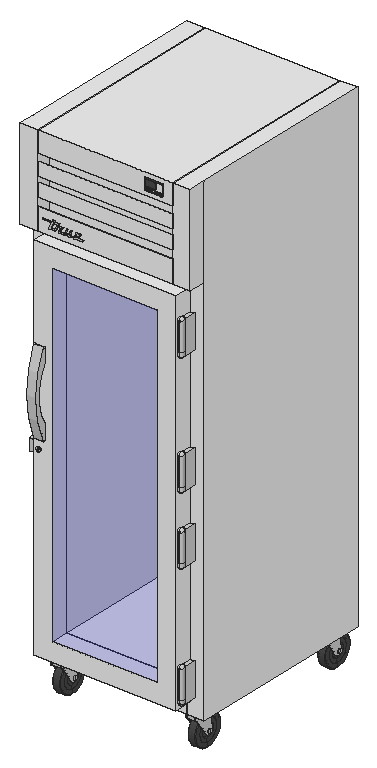
Revit family
Parameters
  Weight in Pounds = 0
  Watts = 1500 W
  Volts = 208 V
  URL Cutsheet = "www.truemfg.com"
  URL = "www.truemfg.com"
  Type Mark [instance] = ""
  Type Comments = ""
  Status [instance] = ""
  Specification by User [instance] = ""
  Specification by Manufacturer = ""
  Show Seismic Flanged [instance] = no
  Show Logo [instance] = yes
  Show Legs [instance] = no
  Show Clearance [instance] = yes
  Serial Number = ""
  Seismic Rating = ""
  Seismic Plate [instance] = and(Show Seismic Flanged, not(Show Casters))  # no
  SMACNA No = ""
  Revision Code [instance] = ""
  Phase = 1
  Omniclass Number and Title = ""
  Number of Poles [instance] = 1
  NAFEM Spec ID Number = ""
  Model = "STA1H-1G"
  Min Ckt Ampacity = 0 A
  Max Overcurrent Protection = 0 A
  Masterspec = ""
  Manufacturer = "TRUE FOOD SERVICE EQUIPMENT, INC."
  Length = 27 1/2"
  Legs [instance] = or(Show Legs, Show Seismic Flanged)  # no
  Item Number [instance] = ""
  Installed By [instance] = ""
  Identify Quantity as Lot [instance] = yes
  Height = 77 3/4"
  HP = ""
  Furnished By [instance] = ""
  Foodservice Equipment Identifier [instance] = yes
  FL Amps = Watts / Volts  # 7.21154 A
  Electrical Remarks [instance] = ""
  Electric Connection Type [instance] = ""
  Elec Conn RI Height [instance] = 0"
  Elec Conn Connection Height [instance] = 0"
  Description = "Reach-in Glass Swing Door Heated Cabinet"
  Depth = 33 3/4"
  Cycle = 60 Hz
  Conn Plug = "6-15P"
  Conn Conduit = yes
  Show Casters [instance] = and(not(if(Show Legs, Show Legs, Show Legs)), not(if(Show Legs, Show Legs, Show Seismic Flanged)))  # yes
  CSI MasterFormat = ""
  CSI Master Format = ""
  Apparent Power = if(Phase = 3, Volts * FL Amps * 1.73, Volts * FL Amps)  # 1500 VA
Reference planes (in)
  plane 1 "BACK": y = 0
  plane 2: z = 0
  plane 3 "LEFT": x = 0
  plane 4 "RIGHT": x = 27.5
  plane 5 "FRONT": y = -33.75
  plane 6 "TOP": z = 84.125
  plane 7: z = 6.125
  plane 8: x = 2.84375
  plane 9: y = -33.7042
  plane 10: x = 0.04687
  plane 11: x = 27.45312
Forms (in)
  Extrusion 1, solid, material "QF_Finishes_Chrome - Satin"
    sketch origin (0.05, 0, 0) x (1, 0, 0) y (0, 1, 0)
      loop
        line (-0.05, 0) -> (-0.05, -31) -> (2.87859, -31) -> (2.87859, 0) -> (-0.05, 0)
    from 6.125 to 84.125
  Extrusion 2, solid, material "QF_Finishes_Chrome - Satin"
    sketch origin (50.15, 0, 0) x (1, 0, 0) y (0, 1, 0)
      loop
        line (-25.44375, 0) -> (-25.44375, -31) -> (-22.65, -31) -> (-22.65, 0) -> (-25.44375, 0)
    from 6.125 to 84.125
  Extrusion 3, solid, material "QF_Finishes_Chrome - Satin"
    sketch origin (0, 0, 0) x (0, 1, 0) y (0, 0, 1)
      loop
        line (-33.7042, 69.5) -> (-31, 69.5) -> (-31, 67) -> (-30, 67) -> (-30, 69.5) -> (-2, 69.5) -> (-2, 8.98627) -> (-31, 8.98627) -> (-31, 6.125) -> (0, 6.125) -> (0, 84.125) -> (-33.7042, 84.125) -> (-33.7042, 80.78078) -> (-31.5, 79.21352) -> (-31.5, 78.09125) -> (-33.7042, 79.65851) -> (-33.7042, 77.5248) -> (-31.5, 75.95754) -> (-31.5, 74.99678) -> (-33.7042, 76.56404) -> (-33.7042, 74.46784) -> (-31.5, 72.90057) -> (-31.5, 71.625) -> (-33.7042, 73.19226) -> (-33.7042, 69.5)
    from 2.92859 to 24.70625
  Extrusion 4, solid, material "QF_Finishes_Chrome - Satin"
    sketch origin (0, 0, 0) x (1, 0, 0) y (0, 1, 0)
      loop
        line (27.45312, -31) -> (24.70625, -31) -> (24.70625, -33.75) -> (27.45312, -33.75) -> (27.45312, -31)
    from 69.5 to 84.125
  Extrusion 5, solid, material "QF_Finishes_Chrome - Satin"
    sketch origin (-50.125, 0, 0.25) x (1, 0, 0) y (0, 1, 0)
      loop
        line (53.05359, -31) -> (50.17187, -31) -> (50.17187, -33.75) -> (53.05359, -33.75) -> (53.05359, -31)
    from 69.25 to 83.875
  Extrusion 6, solid, material "QF_Finishes_Chrome - Satin"
    sketch origin (-24.96875, 0, -0.71875) x (1, 0, 0) y (0, 0, 1)
      loop
        line (27.25, 8.75) -> (50.1875, 8.75) -> (50.1875, 68.6875) -> (27.25, 68.6875) -> (27.25, 8.75)
      loop
        line (30.25, 65.6875) -> (30.25, 11.75) -> (47.1875, 11.75) -> (47.1875, 65.6875) -> (30.25, 65.6875)
    from 31 to 33.75
  Extrusion 7, solid, material "QF_Finishes_Handrails and Railings"
    sketch origin (-8.40259, -0.25, 93.45208) x (0, 1, 0) y (0, 0, 1)
      loop
        line (-33.5, -53.875) -> (-33.5, -51.475)
        arc (-33.5, -51.475) -> (-34.65816, -47.075) -> (-33.5, -42.675) r 8.93715
        line (-33.5, -42.675) -> (-33.5, -40.275) -> (-33.7, -40.275)
        arc (-33.7, -40.275) -> (-35.14405, -47.075) -> (-33.7, -53.875) r 16.7325
        line (-33.7, -53.875) -> (-33.5, -53.875)
    from 10.87731 to 12.37731
  Extrusion 8, solid, material "QF_Finishes_Handrails and Railings"
    sketch origin (-23.375, 0, -2) x (1, 0, 0) y (0, 0, 1)
      loop
        circle (26.4375, 40.0625) r 0.35
      loop
        line (26.47265, 40.33635) -> (26.41715, 40.33635) -> (26.41715, 39.76895) -> (26.47265, 39.76895) -> (26.47265, 40.33635)
    from 33.5 to 33.83066
  Extrusion 9, solid, material "QF_Finishes_Handrails and Railings", visible <- "Show Logo"
    sketch origin (0.33478, 1.08173, -6.73143) x (1, 0, 0) y (0, 0, 1)
      loop
        line (3.46044, 78.46231) -> (3.35478, 78.23573) -> (4.76027, 78.23573)
        arc (4.76027, 78.23573) -> (4.78879, 78.18528) -> (4.76027, 78.13484) r 0.05887
        line (4.76027, 78.13484) -> (4.39369, 77.34872)
        arc (4.39369, 77.34872) -> (4.39051, 77.27591) -> (4.43975, 77.22217) r 0.09523
        line (4.43975, 77.22217) -> (5.33844, 77.22217)
        arc (5.33844, 77.22217) -> (5.45192, 77.25795) -> (5.52436, 77.35235) r 0.19785
        line (5.52436, 77.35235) -> (5.81285, 77.97101) -> (6.0779, 77.97101)
        arc (6.0779, 77.97101) -> (6.14744, 77.94543) -> (6.13737, 77.87203) r 0.05911
        line (6.13737, 77.87203) -> (5.89598, 77.35437)
        arc (5.89598, 77.35437) -> (5.89974, 77.2684) -> (5.97231, 77.22217) r 0.09318
        line (5.97231, 77.22217) -> (6.76198, 77.22217)
        arc (6.76198, 77.22217) -> (6.82249, 77.24419) -> (6.85468, 77.29995) r 0.09412
        arc (6.85468, 77.29995) -> (6.87746, 77.24495) -> (6.93246, 77.22217) r 0.07778
        line (6.93246, 77.22217) -> (7.43246, 77.22217)
        arc (7.43246, 77.22217) -> (7.49022, 77.23765) -> (7.53251, 77.27993) r 0.11552
        arc (7.53251, 77.27993) -> (7.55275, 77.23106) -> (7.60162, 77.21081) r 0.06912
        line (7.60162, 77.21081) -> (8.31225, 77.21081)
        arc (8.31225, 77.21081) -> (8.37034, 77.23488) -> (8.39441, 77.29297) r 0.08216
        arc (8.39441, 77.29297) -> (8.44767, 77.23972) -> (8.52042, 77.22022) r 0.14551
        line (8.52042, 77.22022) -> (9.85158, 77.22022) -> (9.99946, 77.47634) -> (8.65678, 77.47634)
        arc (8.65678, 77.47634) -> (8.61972, 77.50204) -> (8.61834, 77.54711) r 0.05009
        line (8.61834, 77.54711) -> (8.64157, 77.59692)
        arc (8.64157, 77.59692) -> (8.67723, 77.64364) -> (8.73327, 77.66135) r 0.09747
        line (8.73327, 77.66135) -> (9.16485, 77.66135)
        arc (9.16485, 77.66135) -> (9.258, 77.68631) -> (9.32619, 77.7545) r 0.1863
        line (9.32619, 77.7545) -> (9.45119, 77.97101)
        arc (9.45119, 77.97101) -> (9.45119, 78.08657) -> (9.35111, 78.14434) r 0.11556
        line (9.35111, 78.14434) -> (8.89562, 78.14434)
        arc (8.89562, 78.14434) -> (8.7795, 78.12462) -> (8.69849, 78.03912) r 0.18605
        line (8.69849, 78.03912) -> (8.48204, 77.57493)
        arc (8.48204, 77.57493) -> (8.41815, 77.49167) -> (8.31806, 77.46011) r 0.1745
        line (8.31806, 77.46011) -> (7.84559, 77.46011)
        arc (7.84559, 77.46011) -> (7.78903, 77.52184) -> (7.79268, 77.60548) r 0.10939
        line (7.79268, 77.60548) -> (8.04395, 78.14434) -> (7.88403, 78.14434) -> (7.61781, 77.57344)
        arc (7.61781, 77.57344) -> (7.56609, 77.50603) -> (7.48505, 77.48048) r 0.14128
        line (7.48505, 77.48048) -> (7.15925, 77.48048)
        arc (7.15925, 77.48048) -> (7.10419, 77.55223) -> (7.116, 77.64189) r 0.11816
        line (7.116, 77.64189) -> (7.3503, 78.14434) -> (7.18514, 78.14434) -> (6.91546, 77.566)
        arc (6.91546, 77.566) -> (6.85285, 77.50339) -> (6.76733, 77.48048) r 0.17104
        line (6.76733, 77.48048) -> (6.29555, 77.48048)
        arc (6.29555, 77.48048) -> (6.21082, 77.51999) -> (6.20267, 77.61313) r 0.0935
        line (6.20267, 77.61313) -> (6.35774, 77.94569) -> (6.57695, 77.94569)
        arc (6.57695, 77.94569) -> (6.61395, 78.05717) -> (6.69267, 78.14434) r 0.2857
        line (6.69267, 78.14434) -> (5.83605, 78.14434)
        arc (5.83605, 78.14434) -> (5.74086, 78.12324) -> (5.67498, 78.05135) r 0.16212
        line (5.67498, 78.05135) -> (5.44279, 77.55341)
        arc (5.44279, 77.55341) -> (5.3894, 77.50002) -> (5.31647, 77.48048) r 0.14586
        line (5.31647, 77.48048) -> (4.80506, 77.48048)
        arc (4.80506, 77.48048) -> (4.76514, 77.53442) -> (4.77274, 77.60109) r 0.09155
        line (4.77274, 77.60109) -> (5.11018, 78.23573) -> (5.96155, 78.23573) -> (6.06721, 78.46231) -> (5.21584, 78.46231) -> (5.32149, 78.68888) -> (5.01862, 78.68888) -> (4.91297, 78.46231) -> (3.46044, 78.46231)
      loop
        arc (8.83805, 77.93863) -> (8.80119, 77.92875) -> (8.7742, 77.90176) r 0.07373
        line (8.7742, 77.90176) -> (8.75229, 77.83436)
        arc (8.75229, 77.83436) -> (8.76245, 77.80983) -> (8.78699, 77.79966) r 0.0347
        line (8.78699, 77.79966) -> (9.15948, 77.79966)
        arc (9.15948, 77.79966) -> (9.18632, 77.80561) -> (9.20812, 77.82234) r 0.0635
        line (9.20812, 77.82234) -> (9.22624, 77.90622)
        arc (9.22624, 77.90622) -> (9.22091, 77.92868) -> (9.20009, 77.93863) r 0.02676
        line (9.20009, 77.93863) -> (8.83805, 77.93863)
    from 34.76797 to 34.83173
  Extrusion 10, solid, material "QF_Finishes_White"
    sketch origin (-23.16691, 1.06376, 1.58022) x (1, 0, 0) y (0, 0, 1)
      loop
        line (43.31732, 81.73227) -> (43.31732, 79.98496) -> (46.22357, 79.98496) -> (46.22357, 81.73227) -> (43.31732, 81.73227)
    from 34.75 to 34.76797
  Extrusion 11, solid, material "QF_Finishes_Black"
    sketch origin (-23.16691, 1.06376, 1.58022) x (1, 0, 0) y (0, 0, 1)
      loop
        line (46.28607, 81.79477) -> (43.25482, 81.79477) -> (43.25482, 79.92246) -> (46.28607, 79.92246) -> (46.28607, 81.79477)
      loop
        spline (43.45482, 80.25372) -> (43.46333, 80.23754) -> (43.48831, 80.22247) -> (43.52804, 80.20952) -> (43.57982, 80.19959) -> (43.64011, 80.19335) -> (43.70482, 80.19122) -> (43.76952, 80.19335) -> (43.82982, 80.19959) -> (43.88159, 80.20952) -> (43.92132, 80.22247) -> (43.9463, 80.23754) -> (43.95482, 80.25372)
        spline (43.95482, 80.25372) -> (43.9463, 80.26989) -> (43.92132, 80.28497) -> (43.88159, 80.29791) -> (43.82982, 80.30784) -> (43.76952, 80.31409) -> (43.70482, 80.31622) -> (43.64011, 80.31409) -> (43.57982, 80.30784) -> (43.52804, 80.29791) -> (43.48831, 80.28497) -> (43.46333, 80.26989) -> (43.45482, 80.25372)
      loop
        spline (44.15083, 80.25372) -> (44.15935, 80.23754) -> (44.18432, 80.22247) -> (44.22405, 80.20952) -> (44.27583, 80.19959) -> (44.33612, 80.19335) -> (44.40083, 80.19122) -> (44.46553, 80.19335) -> (44.52583, 80.19959) -> (44.57761, 80.20952) -> (44.61734, 80.22247) -> (44.64231, 80.23754) -> (44.65083, 80.25372)
        spline (44.65083, 80.25372) -> (44.64231, 80.26989) -> (44.61734, 80.28497) -> (44.57761, 80.29791) -> (44.52583, 80.30784) -> (44.46553, 80.31409) -> (44.40083, 80.31622) -> (44.33612, 80.31409) -> (44.27583, 80.30784) -> (44.22405, 80.29791) -> (44.18432, 80.28497) -> (44.15935, 80.26989) -> (44.15083, 80.25372)
      loop
        spline (44.90083, 80.25372) -> (44.90935, 80.23754) -> (44.93432, 80.22247) -> (44.97405, 80.20952) -> (45.02583, 80.19959) -> (45.08612, 80.19335) -> (45.15083, 80.19122) -> (45.21553, 80.19335) -> (45.27583, 80.19959) -> (45.32761, 80.20952) -> (45.36734, 80.22247) -> (45.39231, 80.23754) -> (45.40083, 80.25372)
        spline (45.40083, 80.25372) -> (45.39231, 80.26989) -> (45.36734, 80.28497) -> (45.32761, 80.29791) -> (45.27583, 80.30784) -> (45.21553, 80.31409) -> (45.15083, 80.31622) -> (45.08612, 80.31409) -> (45.02583, 80.30784) -> (44.97405, 80.29791) -> (44.93432, 80.28497) -> (44.90935, 80.26989) -> (44.90083, 80.25372)
      loop
        line (43.45481, 81.59478) -> (43.45481, 80.59478) -> (45.15433, 80.59478) -> (45.15433, 81.59478) -> (43.45481, 81.59478)
      loop
        line (46.22357, 81.73227) -> (43.31732, 81.73227) -> (43.31732, 79.98496) -> (46.22357, 79.98496) -> (46.22357, 81.73227)
      loop
        spline (45.65083, 80.25372) -> (45.65935, 80.23754) -> (45.68432, 80.22247) -> (45.72405, 80.20952) -> (45.77583, 80.19959) -> (45.83612, 80.19335) -> (45.90083, 80.19122) -> (45.96553, 80.19335) -> (46.02583, 80.19959) -> (46.07761, 80.20952) -> (46.11734, 80.22247) -> (46.14231, 80.23754) -> (46.15083, 80.25372)
        spline (46.15083, 80.25372) -> (46.14231, 80.26989) -> (46.11734, 80.28497) -> (46.07761, 80.29791) -> (46.02583, 80.30784) -> (45.96553, 80.31409) -> (45.90083, 80.31622) -> (45.83612, 80.31409) -> (45.77583, 80.30784) -> (45.72405, 80.29791) -> (45.68432, 80.28497) -> (45.65935, 80.26989) -> (45.65083, 80.25372)
    from 34.76797 to 34.80335
  Extrusion 12, solid
    sketch origin (-25.125, 0, 0) x (1, 0, 0) y (0, 0, 1)
      loop
        circle (49.375, 82) r 0.25
    from 0 to 0.0625
  Blend 13, solid, material "QF_Finishes_Handrails and Railings"
    base sketch origin (27.53125, 0, 0) x (-1, 0, 0) y (0, 0, -1)
      loop
        line (25.25, -38.99169) -> (26, -38.99169) -> (26, -37.24169) -> (25.25, -37.24169) -> (25.25, -38.99169)
    top sketch origin (27.53125, 0, 0) x (-1, 0, 0) y (0, 0, -1)
      loop
        line (26.18223, -36.6441) -> (25.25, -36.6441) -> (25.25, -39.42643) -> (26.18223, -39.42643) -> (26.18223, -36.6441)
    from 33.57883 to 31
  Extrusion 14, solid, material "QF_Finishes_Handrails and Railings"
    sketch origin (26.1875, 0, 0) x (0, 1, 0) y (0, 0, -1)
      loop
        line (-31, -64.55229) -> (-31, -59.23627) -> (-33.25, -59.23627) -> (-33.25, -59.94848) -> (-32.81497, -59.94848) -> (-32.81497, -64.34776)
        arc (-32.81497, -64.34776) -> (-32.75506, -64.49238) -> (-32.61044, -64.55229) r 0.20453
        line (-32.61044, -64.55229) -> (-31, -64.55229)
    from 0.17506 to 1
  Revolve 15, solid, material "QF_Finishes_Handrails and Railings"
    sketch origin (25.6875, 0, 0) x (0, 1, 0) y (0, 0, -1)
      loop
        line (-33.26563, -60.00189) -> (-33.67229, -60.00189) -> (-33.67229, -64.4736)
        arc (-33.67229, -64.4736) -> (-33.53722, -64.72557) -> (-33.26563, -64.81483) r 0.3848
        line (-33.26563, -64.81483) -> (-33.26563, -60.00189)
      loop
        line (-33.26563, -59.94848) -> (-33.26563, -59.04781)
        arc (-33.26563, -59.04781) -> (-33.53264, -59.13383) -> (-33.67229, -59.37712) r 0.38884
        line (-33.67229, -59.37712) -> (-33.67229, -59.94848) -> (-33.26563, -59.94848)
      axis (-33.26563, -59.04781) -> (-33.26563, -64.81483)
    angle from 0 to 360
  Extrusion 16, solid, material "QF_Finishes_Handrails and Railings"
    sketch origin (27.5, 0, 0) x (-1, 0, 0) y (0, 0, -1)
      loop
        line (1.91491, -64.4736) -> (2.3125, -64.4736) -> (2.3125, -60.00079) -> (1.91491, -60.00079) -> (1.91491, -64.4736)
    from 32.81497 to 33.59495
  Extrusion 17, solid, material "QF_Finishes_Handrails and Railings"
    sketch origin (26.1875, 0, -19.5) x (0, 1, 0) y (0, 0, -1)
      loop
        line (-31, -64.55229) -> (-31, -59.23627) -> (-33.25, -59.23627) -> (-33.25, -59.94848) -> (-32.81497, -59.94848) -> (-32.81497, -64.34776)
        arc (-32.81497, -64.34776) -> (-32.75506, -64.49238) -> (-32.61044, -64.55229) r 0.20453
        line (-32.61044, -64.55229) -> (-31, -64.55229)
    from 0.17506 to 1
  Revolve 18, solid, material "QF_Finishes_Handrails and Railings"
    sketch origin (25.6875, 0, -19.5) x (0, 1, 0) y (0, 0, -1)
      loop
        line (-33.26563, -60.00189) -> (-33.67229, -60.00189) -> (-33.67229, -64.4736)
        arc (-33.67229, -64.4736) -> (-33.53722, -64.72557) -> (-33.26563, -64.81483) r 0.3848
        line (-33.26563, -64.81483) -> (-33.26563, -60.00189)
      loop
        line (-33.26563, -59.94848) -> (-33.26563, -59.04781)
        arc (-33.26563, -59.04781) -> (-33.53264, -59.13383) -> (-33.67229, -59.37712) r 0.38884
        line (-33.67229, -59.37712) -> (-33.67229, -59.94848) -> (-33.26563, -59.94848)
      axis (-33.26563, -59.04781) -> (-33.26563, -64.81483)
    angle from 0 to 360
  Extrusion 19, solid, material "QF_Finishes_Handrails and Railings"
    sketch origin (27.5, 0, -19.5) x (-1, 0, 0) y (0, 0, -1)
      loop
        line (1.91491, -64.4736) -> (2.3125, -64.4736) -> (2.3125, -60.00079) -> (1.91491, -60.00079) -> (1.91491, -64.4736)
    from 32.81497 to 33.59495
  Extrusion 20, solid, material "QF_Finishes_Handrails and Railings"
    sketch origin (26.1875, 0, -30.5) x (0, 1, 0) y (0, 0, -1)
      loop
        line (-31, -64.55229) -> (-31, -59.23627) -> (-33.25, -59.23627) -> (-33.25, -59.94848) -> (-32.81497, -59.94848) -> (-32.81497, -64.34776)
        arc (-32.81497, -64.34776) -> (-32.75506, -64.49238) -> (-32.61044, -64.55229) r 0.20453
        line (-32.61044, -64.55229) -> (-31, -64.55229)
    from 0.17506 to 1
  Revolve 21, solid, material "QF_Finishes_Handrails and Railings"
    sketch origin (25.6875, 0, -30.5) x (0, 1, 0) y (0, 0, -1)
      loop
        line (-33.26563, -60.00189) -> (-33.67229, -60.00189) -> (-33.67229, -64.4736)
        arc (-33.67229, -64.4736) -> (-33.53722, -64.72557) -> (-33.26563, -64.81483) r 0.3848
        line (-33.26563, -64.81483) -> (-33.26563, -60.00189)
      loop
        line (-33.26563, -59.94848) -> (-33.26563, -59.04781)
        arc (-33.26563, -59.04781) -> (-33.53264, -59.13383) -> (-33.67229, -59.37712) r 0.38884
        line (-33.67229, -59.37712) -> (-33.67229, -59.94848) -> (-33.26563, -59.94848)
      axis (-33.26563, -59.04781) -> (-33.26563, -64.81483)
    angle from 0 to 360
  Extrusion 22, solid, material "QF_Finishes_Handrails and Railings"
    sketch origin (27.5, 0, -30.5) x (-1, 0, 0) y (0, 0, -1)
      loop
        line (1.91491, -64.4736) -> (2.3125, -64.4736) -> (2.3125, -60.00079) -> (1.91491, -60.00079) -> (1.91491, -64.4736)
    from 32.81497 to 33.59495
  Extrusion 23, solid, material "QF_Finishes_Handrails and Railings"
    sketch origin (26.1875, 0, -50.25) x (0, 1, 0) y (0, 0, -1)
      loop
        line (-31, -64.55229) -> (-31, -59.23627) -> (-33.25, -59.23627) -> (-33.25, -59.94848) -> (-32.81497, -59.94848) -> (-32.81497, -64.34776)
        arc (-32.81497, -64.34776) -> (-32.75506, -64.49238) -> (-32.61044, -64.55229) r 0.20453
        line (-32.61044, -64.55229) -> (-31, -64.55229)
    from 0.17506 to 1
  Revolve 24, solid, material "QF_Finishes_Handrails and Railings"
    sketch origin (25.6875, 0, -50.25) x (0, 1, 0) y (0, 0, -1)
      loop
        line (-33.26563, -60.00189) -> (-33.67229, -60.00189) -> (-33.67229, -64.4736)
        arc (-33.67229, -64.4736) -> (-33.53722, -64.72557) -> (-33.26563, -64.81483) r 0.3848
        line (-33.26563, -64.81483) -> (-33.26563, -60.00189)
      loop
        line (-33.26563, -59.94848) -> (-33.26563, -59.04781)
        arc (-33.26563, -59.04781) -> (-33.53264, -59.13383) -> (-33.67229, -59.37712) r 0.38884
        line (-33.67229, -59.37712) -> (-33.67229, -59.94848) -> (-33.26563, -59.94848)
      axis (-33.26563, -59.04781) -> (-33.26563, -64.81483)
    angle from 0 to 360
  Extrusion 25, solid, material "QF_Finishes_Handrails and Railings"
    sketch origin (27.5, 0, -50.25) x (-1, 0, 0) y (0, 0, -1)
      loop
        line (1.91491, -64.4736) -> (2.3125, -64.4736) -> (2.3125, -60.00079) -> (1.91491, -60.00079) -> (1.91491, -64.4736)
    from 32.81497 to 33.59495
  Revolve 26, solid, material "QF_Finishes_Black", visible <- "Show Casters"
    sketch origin (22.65625, -27.375, 0) x (1, 0, 0) y (0, 0, 1)
      loop
        line (1.475, 5) -> (1.375, 4.9) -> (1.375, 4.29941) -> (1.53601, 4.29941) -> (1.53601, 3.54941) -> (1.375, 3.54941) -> (1.375, 2.79941) -> (0.975, 2.79941) -> (0.975, 2.5) -> (3.025, 2.5) -> (3.025, 2.79941) -> (2.62908, 2.79941) -> (2.62908, 3.54941) -> (2.46399, 3.54941) -> (2.46399, 4.29941) -> (2.62908, 4.29941) -> (2.62908, 4.89592) -> (2.525, 5) -> (1.475, 5)
      axis (3.025, 2.5) -> (0.975, 2.5)
    angle from 0 to 360
  Extrusion 27, solid, material "QF_Finishes_Handrails and Railings", visible <- "Show Casters"
    sketch origin (22.5625, 0, 0) x (0, 1, 0) y (0, 0, 1)
      loop
        line (-29.95136, 5.48574) -> (-29.95136, 4.88089) -> (-29.70136, 4.88089) -> (-27.95216, 2.18736)
        arc (-27.95216, 2.18736) -> (-27.23883, 1.94868) -> (-26.84581, 2.59003) r 0.60416
        line (-26.84581, 2.59003) -> (-27.20136, 5.48574) -> (-29.95136, 5.48574)
      loop
        line (-3.8577, 5.48574) -> (-3.8577, 4.88089) -> (-3.6077, 4.88089) -> (-1.8585, 2.18736)
        arc (-1.8585, 2.18736) -> (-1.14517, 1.94868) -> (-0.75215, 2.59003) r 0.60416
        line (-0.75215, 2.59003) -> (-1.1077, 5.48574) -> (-3.8577, 5.48574)
    from 1.175 to 1.325
  Extrusion 28, solid, material "QF_Finishes_Handrails and Railings", visible <- "Show Casters"
    sketch origin (24.0625, 0, 0) x (0, 1, 0) y (0, 0, 1)
      loop
        line (-29.95136, 5.48574) -> (-29.95136, 4.88089) -> (-29.70136, 4.88089) -> (-27.95216, 2.18736)
        arc (-27.95216, 2.18736) -> (-27.23883, 1.94868) -> (-26.84581, 2.59003) r 0.60416
        line (-26.84581, 2.59003) -> (-27.20136, 5.48574) -> (-29.95136, 5.48574)
      loop
        line (-3.8577, 5.48574) -> (-3.8577, 4.88089) -> (-3.6077, 4.88089) -> (-1.8585, 2.18736)
        arc (-1.8585, 2.18736) -> (-1.14517, 1.94868) -> (-0.75215, 2.59003) r 0.60416
        line (-0.75215, 2.59003) -> (-1.1077, 5.48574) -> (-3.8577, 5.48574)
    from 1.175 to 1.325
  Revolve 29, solid, material "QF_Finishes_Chrome - Satin", visible <- "Show Casters"
    sketch origin (22.65625, -28.5625, -0.5) x (1, 0, 0) y (0, 0, 1)
      loop
        line (2, 5.99546) -> (2, 6.62359) -> (0.70293, 6.62359) -> (0.70293, 5.99546) -> (2, 5.99546)
      axis (2, 5.99546) -> (2, 6.62359)
    angle from 0 to 360
  Revolve 30, solid, material "QF_Finishes_Chrome - Satin", visible <- "Legs"
    sketch origin (22.65625, -2.69102, 0) x (1, 0, 0) y (0, 0, 1)
      loop
        line (2, 6.125) -> (0.66662, 6.125) -> (1.25, 1) -> (1.5, 1) -> (1.5, 0) -> (2, 0) -> (2, 6.125)
      axis (2, 0) -> (2, 6.125)
    angle from 0 to 360
  Revolve 31, solid, material "QF_Finishes_Chrome - Satin", visible <- "Legs"
    sketch origin (22.65625, -28.65977, 0) x (1, 0, 0) y (0, 0, 1)
      loop
        line (2, 6.125) -> (0.66662, 6.125) -> (1.25, 1) -> (1.5, 1) -> (1.5, 0) -> (2, 0) -> (2, 6.125)
      axis (2, 0) -> (2, 6.125)
    angle from 0 to 360
  Revolve 32, solid, material "QF_Finishes_Chrome - Satin", visible <- "Show Casters"
    sketch origin (22.65625, -2.70321, -0.5) x (1, 0, 0) y (0, 0, 1)
      loop
        line (2, 5.99546) -> (2, 6.62359) -> (0.70293, 6.62359) -> (0.70293, 5.99546) -> (2, 5.99546)
      axis (2, 5.99546) -> (2, 6.62359)
    angle from 0 to 360
  Extrusion 33, solid, material "QF_Finishes_Handrails and Railings", visible <- "Show Casters"
    sketch origin (-25.21875, 0, 0) x (0, 1, 0) y (0, 0, 1)
      loop
        line (-29.95136, 5.48574) -> (-29.95136, 4.88089) -> (-29.70136, 4.88089) -> (-27.16533, 5.19227) -> (-27.20136, 5.48574) -> (-29.95136, 5.48574)
      loop
        line (-3.8577, 5.48574) -> (-3.8577, 4.88089) -> (-3.6077, 4.88089) -> (-1.07167, 5.19227) -> (-1.1077, 5.48574) -> (-3.8577, 5.48574)
    from 49.10625 to 50.45625
  Revolve 34, solid, material "QF_Finishes_Black", visible <- "Show Casters"
    sketch origin (22.65625, -1.21875, 0) x (1, 0, 0) y (0, 0, 1)
      loop
        line (1.475, 5) -> (1.375, 4.9) -> (1.375, 4.29941) -> (1.53601, 4.29941) -> (1.53601, 3.54941) -> (1.375, 3.54941) -> (1.375, 2.79941) -> (0.975, 2.79941) -> (0.975, 2.5) -> (3.025, 2.5) -> (3.025, 2.79941) -> (2.62908, 2.79941) -> (2.62908, 3.54941) -> (2.46399, 3.54941) -> (2.46399, 4.29941) -> (2.62908, 4.29941) -> (2.62908, 4.89592) -> (2.525, 5) -> (1.475, 5)
      axis (3.025, 2.5) -> (0.975, 2.5)
    angle from 0 to 360
  Revolve 35, solid, material "QF_Finishes_Black", visible <- "Show Casters"
    sketch origin (0.84375, -27.375, 0) x (1, 0, 0) y (0, 0, 1)
      loop
        line (1.475, 5) -> (1.375, 4.9) -> (1.375, 4.29941) -> (1.53601, 4.29941) -> (1.53601, 3.54941) -> (1.375, 3.54941) -> (1.375, 2.79941) -> (0.975, 2.79941) -> (0.975, 2.5) -> (3.025, 2.5) -> (3.025, 2.79941) -> (2.62908, 2.79941) -> (2.62908, 3.54941) -> (2.46399, 3.54941) -> (2.46399, 4.29941) -> (2.62908, 4.29941) -> (2.62908, 4.89592) -> (2.525, 5) -> (1.475, 5)
      axis (3.025, 2.5) -> (0.975, 2.5)
    angle from 0 to 360
  Extrusion 36, solid, material "QF_Finishes_Handrails and Railings", visible <- "Show Casters"
    sketch origin (0.84375, 0, 0) x (0, 1, 0) y (0, 0, 1)
      loop
        line (-29.95136, 5.48574) -> (-29.95136, 4.88089) -> (-29.70136, 4.88089) -> (-27.95216, 2.18736)
        arc (-27.95216, 2.18736) -> (-27.23883, 1.94868) -> (-26.84581, 2.59003) r 0.60416
        line (-26.84581, 2.59003) -> (-27.20136, 5.48574) -> (-29.95136, 5.48574)
      loop
        line (-3.8577, 5.48574) -> (-3.8577, 4.88089) -> (-3.6077, 4.88089) -> (-1.8585, 2.18736)
        arc (-1.8585, 2.18736) -> (-1.14517, 1.94868) -> (-0.75215, 2.59003) r 0.60416
        line (-0.75215, 2.59003) -> (-1.1077, 5.48574) -> (-3.8577, 5.48574)
    from 1.175 to 1.325
  Extrusion 37, solid, material "QF_Finishes_Handrails and Railings", visible <- "Show Casters"
    sketch origin (2.34375, 0, 0) x (0, 1, 0) y (0, 0, 1)
      loop
        line (-29.95136, 5.48574) -> (-29.95136, 4.88089) -> (-29.70136, 4.88089) -> (-27.95216, 2.18736)
        arc (-27.95216, 2.18736) -> (-27.23883, 1.94868) -> (-26.84581, 2.59003) r 0.60416
        line (-26.84581, 2.59003) -> (-27.20136, 5.48574) -> (-29.95136, 5.48574)
      loop
        line (-3.8577, 5.48574) -> (-3.8577, 4.88089) -> (-3.6077, 4.88089) -> (-1.8585, 2.18736)
        arc (-1.8585, 2.18736) -> (-1.14517, 1.94868) -> (-0.75215, 2.59003) r 0.60416
        line (-0.75215, 2.59003) -> (-1.1077, 5.48574) -> (-3.8577, 5.48574)
    from 1.175 to 1.325
  Revolve 38, solid, material "QF_Finishes_Chrome - Satin", visible <- "Show Casters"
    sketch origin (0.84375, -28.5625, -0.5) x (1, 0, 0) y (0, 0, 1)
      loop
        line (2, 5.99546) -> (2, 6.62359) -> (0.70293, 6.62359) -> (0.70293, 5.99546) -> (2, 5.99546)
      axis (2, 5.99546) -> (2, 6.62359)
    angle from 0 to 360
  Revolve 39, solid, material "QF_Finishes_Chrome - Satin", visible <- "Legs"
    sketch origin (0.84375, -2.69102, 0) x (1, 0, 0) y (0, 0, 1)
      loop
        line (2, 6.125) -> (0.66662, 6.125) -> (1.25, 1) -> (1.5, 1) -> (1.5, 0) -> (2, 0) -> (2, 6.125)
      axis (2, 0) -> (2, 6.125)
    angle from 0 to 360
  Revolve 40, solid, material "QF_Finishes_Chrome - Satin", visible <- "Legs"
    sketch origin (0.84375, -28.65977, 0) x (1, 0, 0) y (0, 0, 1)
      loop
        line (2, 6.125) -> (0.66662, 6.125) -> (1.25, 1) -> (1.5, 1) -> (1.5, 0) -> (2, 0) -> (2, 6.125)
      axis (2, 0) -> (2, 6.125)
    angle from 0 to 360
  Revolve 41, solid, material "QF_Finishes_Chrome - Satin", visible <- "Show Casters"
    sketch origin (0.84375, -2.70321, -0.5) x (1, 0, 0) y (0, 0, 1)
      loop
        line (2, 5.99546) -> (2, 6.62359) -> (0.70293, 6.62359) -> (0.70293, 5.99546) -> (2, 5.99546)
      axis (2, 5.99546) -> (2, 6.62359)
    angle from 0 to 360
  Extrusion 42, solid, material "QF_Finishes_Handrails and Railings", visible <- "Show Casters"
    sketch origin (-46.9375, 0, 0) x (0, 1, 0) y (0, 0, 1)
      loop
        line (-29.95136, 5.48574) -> (-29.95136, 4.88089) -> (-29.70136, 4.88089) -> (-27.16533, 5.19227) -> (-27.20136, 5.48574) -> (-29.95136, 5.48574)
      loop
        line (-3.8577, 5.48574) -> (-3.8577, 4.88089) -> (-3.6077, 4.88089) -> (-1.07167, 5.19227) -> (-1.1077, 5.48574) -> (-3.8577, 5.48574)
    from 49.10625 to 50.45625
  Revolve 43, solid, material "QF_Finishes_Black", visible <- "Show Casters"
    sketch origin (0.84375, -1.21875, 0) x (1, 0, 0) y (0, 0, 1)
      loop
        line (1.475, 5) -> (1.375, 4.9) -> (1.375, 4.29941) -> (1.53601, 4.29941) -> (1.53601, 3.54941) -> (1.375, 3.54941) -> (1.375, 2.79941) -> (0.975, 2.79941) -> (0.975, 2.5) -> (3.025, 2.5) -> (3.025, 2.79941) -> (2.62908, 2.79941) -> (2.62908, 3.54941) -> (2.46399, 3.54941) -> (2.46399, 4.29941) -> (2.62908, 4.29941) -> (2.62908, 4.89592) -> (2.525, 5) -> (1.475, 5)
      axis (3.025, 2.5) -> (0.975, 2.5)
    angle from 0 to 360
  Extrusion 44, solid, material "QF_Finishes_Door Clearance", visible <- "Show Clearance", detail levels coarse
    sketch origin (26.42841, -3.6098, 0) x (1, 0, 0) y (0, 1, 0)
      loop
        line (-1.20966, -30.1402) -> (-24.14716, -30.1402)
        arc (-24.14716, -30.1402) -> (-17.42892, -46.35946) -> (-1.20966, -53.0777) r 22.9375
        line (-1.20966, -53.0777) -> (-1.20966, -30.1402)
    from 8.03125 to 67.96875
  Extrusion 45, solid, material "Glass"
    sketch origin (-24.96875, 0, -0.71875) x (1, 0, 0) y (0, 0, 1)
      loop
        line (30.25, 65.6875) -> (30.25, 11.75) -> (47.1875, 11.75) -> (47.1875, 65.6875) -> (30.25, 65.6875)
    from 31 to 33.75
  Extrusion 46, solid, material "QF_Finishes_Chrome - Satin", visible <- "Seismic Plate"
    sketch origin (-0.22541, -26.96562, 0) x (1, 0, 0) y (0, 1, 0)
      loop
        circle (3.06916, -1.69416) r 1.5
    from 0 to 0.25
  Extrusion 47, solid, material "QF_Finishes_Chrome - Satin", visible <- "Seismic Plate"
    sketch origin (-0.22541, -0.99687, 0) x (1, 0, 0) y (0, 1, 0)
      loop
        circle (3.06916, -1.69416) r 1.5
    from 0 to 0.25
  Extrusion 48, solid, material "QF_Finishes_Chrome - Satin", visible <- "Seismic Plate"
    sketch origin (21.49334, -0.99687, 0) x (1, 0, 0) y (0, 1, 0)
      loop
        circle (3.16291, -1.69416) r 1.5
    from 0 to 0.25
  Extrusion 49, solid, material "QF_Finishes_Chrome - Satin", visible <- "Seismic Plate"
    sketch origin (21.49334, -26.96562, 0) x (1, 0, 0) y (0, 1, 0)
      loop
        circle (3.16291, -1.69416) r 1.5
    from 0 to 0.25
Cuts and joins
  joined: Extrusion 1, Extrusion 2, Extrusion 4, Extrusion 5
Lines and regions (in)
  symbolic lines
    curve 1: line (0, 0, 0) -> (27.5, 0, 0)
    curve 2: line (0, -33.75, 0) -> (0, 0, 0)
    curve 3: line (27.5, -33.75, 0) -> (0, -33.75, 0)
    curve 4: line (27.5, 0, 0) -> (27.5, -33.75, 0)
    curve 5: line (27.5, -31.5, 0) -> (0, -31.5, 0)
    curve 24: line (3.97472, -33.75, 0) -> (3.97472, -35.38415, 0)
    curve 25: line (3.97472, -35.38415, 0) -> (2.47472, -35.38415, 0)
    curve 26: line (2.47472, -35.38415, 0) -> (2.47472, -33.75, 0)
    curve 27: line (2.47472, -33.95, 0) -> (3.97472, -33.95, 0)
  symbolic lines, style "SpecialityEquipmentHiddenLines", visible <- "Show Casters"
    curve 6: line (3.82597, -24.4208, 0) -> (5.12501, -25.1708, 0)
    curve 7: line (1.20097, -28.96743, 0) -> (3.82597, -24.4208, 0)
    curve 8: line (2.50001, -29.71743, 0) -> (1.20097, -28.96743, 0)
    curve 9: line (5.12501, -25.1708, 0) -> (2.50001, -29.71743, 0)
    curve 10: line (3.82597, -0.4208, 0) -> (5.12501, -1.1708, 0)
    curve 11: line (1.20097, -4.96743, 0) -> (3.82597, -0.4208, 0)
    curve 12: line (2.50001, -5.71743, 0) -> (1.20097, -4.96743, 0)
    curve 13: line (5.12501, -1.1708, 0) -> (2.50001, -5.71743, 0)
    curve 14: line (24.73343, -0.4208, 0) -> (26.03247, -1.1708, 0)
    curve 15: line (22.10843, -4.96743, 0) -> (24.73343, -0.4208, 0)
    curve 16: line (23.40747, -5.71743, 0) -> (22.10843, -4.96743, 0)
    curve 17: line (26.03247, -1.1708, 0) -> (23.40747, -5.71743, 0)
    curve 18: line (24.82718, -24.52487, 0) -> (26.12622, -25.27487, 0)
    curve 19: line (22.20218, -29.07151, 0) -> (24.82718, -24.52487, 0)
    curve 20: line (23.50122, -29.82151, 0) -> (22.20218, -29.07151, 0)
    curve 21: line (26.12622, -25.27487, 0) -> (23.50122, -29.82151, 0)
  symbolic lines, style "QF-Door Swings", visible <- "Show Clearance", detail levels coarse
    curve 22: line (25.21875, -33.75, 0) -> (25.21875, -56.6875, 0)
    curve 23: arc (25.21875, -56.6875, 0) -> (8.99949, -49.96926, 0) -> (2.28125, -33.75, 0) r 22.9375
Dimensions and locks (in)
  "Depth": plane 5 "FRONT" to plane 1 "BACK"
  plane 7 to level = 6 1/8"
  plane 6 "TOP" to level = 84 1/8"
  plane 6 "TOP" to plane 7 = 78"
  plane 6 "TOP" to cut or joined group of Extrusion 1, Extrusion 2, Extrusion 4, Extrusion 5 = 14 5/8"
  locked: Extrusion 6 sketch curve to Extrusion 6 sketch curve at 22.9375
  Extrusion 6 to plane 1 "BACK" = 33 3/4"
  "Length": plane 3 "LEFT" to plane 4 "RIGHT"
  plane 4 "RIGHT" to plane 3 "LEFT" = 27 1/2"
  locked: Extrusion 6 sketch curve to Extrusion 6 sketch curve at 3  (x2)
  Extrusion 6 to Extrusion 44 = 22 15/16"
  plane 11 to plane 10 = 27 13/32"
  aligned and locked: level to plane 2
Automatic sketch dimensions
  Extrusion 1 sketch curve to plane 3 "LEFT" = 0"
  plane 1 "BACK" to Extrusion 1 sketch curve = 0"
  plane 8 to Extrusion 1 sketch curve = 0.08484"
  Extrusion 1 sketch curve to plane 5 "FRONT" = 2 3/4"
  plane 1 "BACK" to Extrusion 2 sketch curve = 0"
  Extrusion 2 sketch curve to plane 4 "RIGHT" = 0"
  Extrusion 2 sketch curve to plane 4 "RIGHT" = 2.79375"
  Extrusion 2 sketch curve to plane 5 "FRONT" = 2 3/4"
  plane 5 "FRONT" to Extrusion 4 sketch curve = 0"
  Extrusion 4 sketch curve to plane 4 "RIGHT" = 2.79375"
  Extrusion 4 sketch curve to plane 4 "RIGHT" = 3/64"
  Extrusion 4 sketch curve to plane 5 "FRONT" = 2 3/4"
  plane 5 "FRONT" to Extrusion 5 sketch curve = 0"
  plane 3 "LEFT" to Extrusion 5 sketch curve = 3/64"
  plane 8 to Extrusion 5 sketch curve = 0.08484"
  Extrusion 5 sketch curve to plane 5 "FRONT" = 2 3/4"
  plane 5 "FRONT" to Extrusion 7 sketch curve = 0.2"  (x2)
  plane 5 "FRONT" to Extrusion 7 sketch curve = 0"  (x2)
  Extrusion 7 sketch curve to plane 5 "FRONT" = 7.77899"
  Extrusion 7 sketch curve to Extrusion 7 sketch curve = 7.30945"
  plane 7 to Extrusion 7 sketch curve = 33.45208"
  Extrusion 7 sketch curve to Extrusion 7 sketch curve = 2.4"
  Extrusion 7 sketch curve to Extrusion 7 sketch curve = 4.4"
  Extrusion 7 sketch curve to Extrusion 7 sketch curve = 0"
  plane 8 to Extrusion 8 sketch curve = 0.1984"
  plane 8 to Extrusion 8 sketch curve = 7/32"
  Extrusion 8 sketch curve to Extrusion 8 sketch curve = 0.0555"
  plane 7 to Extrusion 8 sketch curve = 31.64395"
  Extrusion 8 sketch curve to Extrusion 8 sketch curve = 0.29355"
  Extrusion 8 sketch curve to Extrusion 8 sketch curve = 0.27385"
  plane 8 to Extrusion 9 sketch curve = 0.84582"
  Extrusion 9 sketch curve to Extrusion 9 sketch curve = 0.10565"  (x5)
  Extrusion 9 sketch curve to Extrusion 9 sketch curve = 1.03891"
  Extrusion 9 sketch curve to Extrusion 9 sketch curve = 0.04606"
  Extrusion 9 sketch curve to Extrusion 9 sketch curve = 0.04025"
  Extrusion 9 sketch curve to Extrusion 9 sketch curve = 0.33624"
  Extrusion 9 sketch curve to Extrusion 9 sketch curve = 0.03034"  (x2)
  Extrusion 9 sketch curve to Extrusion 9 sketch curve = 0.29274"
  Extrusion 9 sketch curve to Extrusion 9 sketch curve = 0.03232"
  Extrusion 9 sketch curve to Extrusion 9 sketch curve = 0.08083"
  Extrusion 9 sketch curve to Extrusion 9 sketch curve = 0.1527"
  Extrusion 9 sketch curve to Extrusion 9 sketch curve = 0.19721"
  Extrusion 9 sketch curve to Extrusion 9 sketch curve = 0.4629"
  Extrusion 9 sketch curve to Extrusion 9 sketch curve = 0.02197"
  Extrusion 9 sketch curve to Extrusion 9 sketch curve = 0.12632"
  Extrusion 9 sketch curve to Extrusion 9 sketch curve = 0.18591"
  Extrusion 9 sketch curve to Extrusion 9 sketch curve = 0.2322"
  Extrusion 9 sketch curve to Extrusion 9 sketch curve = 0.13786"
  Extrusion 9 sketch curve to Extrusion 9 sketch curve = 0.00907"
  Extrusion 9 sketch curve to Extrusion 9 sketch curve = 0.01413"
  Extrusion 9 sketch curve to Extrusion 9 sketch curve = 0.37162"
  Extrusion 9 sketch curve to Extrusion 9 sketch curve = 0.12551"
  Extrusion 9 sketch curve to Extrusion 9 sketch curve = 0.07633"
  Extrusion 9 sketch curve to Extrusion 9 sketch curve = 0.08445"
  Extrusion 9 sketch curve to Extrusion 9 sketch curve = 0.25598"
  Extrusion 9 sketch curve to Extrusion 9 sketch curve = 0.01887"
  Extrusion 9 sketch curve to Extrusion 9 sketch curve = 0.04061"
  Extrusion 9 sketch curve to Extrusion 9 sketch curve = 0.0653"
  Extrusion 9 sketch curve to Extrusion 9 sketch curve = 0.08474"
  Extrusion 9 sketch curve to Extrusion 9 sketch curve = 0.00815"
  Extrusion 9 sketch curve to Extrusion 9 sketch curve = 0.22037"
  Extrusion 9 sketch curve to Extrusion 9 sketch curve = 0.21921"
  Extrusion 9 sketch curve to Extrusion 9 sketch curve = 0.11572"
  Extrusion 9 sketch curve to Extrusion 9 sketch curve = 0.46643"
  Extrusion 9 sketch curve to Extrusion 9 sketch curve = 0.00535"
  Extrusion 9 sketch curve to Extrusion 9 sketch curve = 0.09269"
  Extrusion 9 sketch curve to Extrusion 9 sketch curve = 0.09348"
  Extrusion 9 sketch curve to Extrusion 9 sketch curve = 0.14812"
  Extrusion 9 sketch curve to Extrusion 9 sketch curve = 0.07778"  (x3)
  Extrusion 9 sketch curve to Extrusion 9 sketch curve = 0.20054"
  Extrusion 9 sketch curve to Extrusion 9 sketch curve = 0.04325"
  Extrusion 9 sketch curve to Extrusion 9 sketch curve = 0.32433"
  Extrusion 9 sketch curve to Extrusion 9 sketch curve = 0.10233"  (x2)
  Extrusion 9 sketch curve to Extrusion 9 sketch curve = 0.16515"
  Extrusion 9 sketch curve to Extrusion 9 sketch curve = 0.27321"
  Extrusion 9 sketch curve to Extrusion 9 sketch curve = 0.0526"
  Extrusion 9 sketch curve to Extrusion 9 sketch curve = 0.10005"
  Extrusion 9 sketch curve to Extrusion 9 sketch curve = 0.06912"
  Extrusion 9 sketch curve to Extrusion 9 sketch curve = 0.13276"
  Extrusion 9 sketch curve to Extrusion 9 sketch curve = 0.17486"
  Extrusion 9 sketch curve to Extrusion 9 sketch curve = 0.05291"
  Extrusion 9 sketch curve to Extrusion 9 sketch curve = 0.53374"
  Extrusion 9 sketch curve to Extrusion 9 sketch curve = 0.09914"  (x2)
  Extrusion 9 sketch curve to Extrusion 9 sketch curve = 0.15992"
  Extrusion 9 sketch curve to Extrusion 9 sketch curve = 0.46666"
  Extrusion 9 sketch curve to Extrusion 9 sketch curve = 0.00582"
  Extrusion 9 sketch curve to Extrusion 9 sketch curve = 0.08216"
  Extrusion 9 sketch curve to Extrusion 9 sketch curve = 0.16397"
  Extrusion 9 sketch curve to Extrusion 9 sketch curve = 0.12601"
  Extrusion 9 sketch curve to Extrusion 9 sketch curve = 0.1363"
  Extrusion 9 sketch curve to Extrusion 9 sketch curve = 0.02323"
  Extrusion 9 sketch curve to Extrusion 9 sketch curve = 0.03844"
  Extrusion 9 sketch curve to Extrusion 9 sketch curve = 0.0454"
  Extrusion 9 sketch curve to Extrusion 9 sketch curve = 0.05693"
  Extrusion 9 sketch curve to Extrusion 9 sketch curve = 0.0917"
  Extrusion 9 sketch curve to Extrusion 9 sketch curve = 0.01902"
  Extrusion 9 sketch curve to Extrusion 9 sketch curve = 0.02191"
  Extrusion 9 sketch curve to Extrusion 9 sketch curve = 0.0347"
  Extrusion 9 sketch curve to Extrusion 9 sketch curve = 0.06385"
  Extrusion 9 sketch curve to Extrusion 9 sketch curve = 0.02906"
  Extrusion 9 sketch curve to Extrusion 9 sketch curve = 0.02851"
  Extrusion 9 sketch curve to Extrusion 9 sketch curve = 0.29237"
  Extrusion 9 sketch curve to Extrusion 9 sketch curve = 0.00537"
  Extrusion 9 sketch curve to Extrusion 9 sketch curve = 0.0406"
  Extrusion 9 sketch curve to Extrusion 9 sketch curve = 0.04327"
  Extrusion 9 sketch curve to Extrusion 9 sketch curve = 0.02615"
  Extrusion 9 sketch curve to Extrusion 9 sketch curve = 0.11806"
  Extrusion 9 sketch curve to Extrusion 9 sketch curve = 0.15103"
  Extrusion 9 sketch curve to Extrusion 9 sketch curve = 0.10007"
  Extrusion 9 sketch curve to Extrusion 9 sketch curve = 0.5254"
  Extrusion 9 sketch curve to Extrusion 9 sketch curve = 0.14787"
  Extrusion 9 sketch curve to plane 6 "TOP" = 13.64562"
  Extrusion 9 sketch curve to Extrusion 9 sketch curve = 0.07275"
  Extrusion 9 sketch curve to Extrusion 9 sketch curve = 0.05776"
  Extrusion 9 sketch curve to Extrusion 9 sketch curve = 0.08631"
  Extrusion 9 sketch curve to Extrusion 9 sketch curve = 0.09282"
  Extrusion 9 sketch curve to Extrusion 9 sketch curve = 0.13018"
  Extrusion 9 sketch curve to Extrusion 9 sketch curve = 0.16714"
  Extrusion 9 sketch curve to Extrusion 9 sketch curve = 0.11061"
  Extrusion 9 sketch curve to Extrusion 9 sketch curve = 0.06046"
  Extrusion 9 sketch curve to Extrusion 9 sketch curve = 0.16548"
  Extrusion 9 sketch curve to Extrusion 9 sketch curve = 0.14279"
  Extrusion 9 sketch curve to Extrusion 9 sketch curve = 0.0496"
  Extrusion 9 sketch curve to Extrusion 9 sketch curve = 0.07293"
  Extrusion 9 sketch curve to Extrusion 9 sketch curve = 0.07764"
  Extrusion 9 sketch curve to Extrusion 9 sketch curve = 0.03794"
  Extrusion 9 sketch curve to Extrusion 9 sketch curve = 0.08552"
  Extrusion 9 sketch curve to Extrusion 9 sketch curve = 0.09296"
  Extrusion 9 sketch curve to Extrusion 9 sketch curve = 0.09314"
  Extrusion 9 sketch curve to Extrusion 9 sketch curve = 0.02781"
  Extrusion 9 sketch curve to Extrusion 9 sketch curve = 0.04981"
  Extrusion 9 sketch curve to Extrusion 9 sketch curve = 0.09315"
  Extrusion 9 sketch curve to Extrusion 9 sketch curve = 0.04799"
  Extrusion 9 sketch curve to Extrusion 9 sketch curve = 0.02531"
  Extrusion 9 sketch curve to Extrusion 9 sketch curve = 0.03054"
  Extrusion 9 sketch curve to Extrusion 9 sketch curve = 0.2589"
  Extrusion 9 sketch curve to Extrusion 9 sketch curve = 0.0674"
  Extrusion 9 sketch curve to Extrusion 9 sketch curve = 0.0324"
  Extrusion 9 sketch curve to Extrusion 9 sketch curve = 0.26185"
  Extrusion 9 sketch curve to Extrusion 9 sketch curve = 11/256"
  Extrusion 9 sketch curve to Extrusion 9 sketch curve = 0.07366"
  Extrusion 9 sketch curve to Extrusion 9 sketch curve = 0.02187"
  Extrusion 9 sketch curve to Extrusion 9 sketch curve = 0.06479"
  Extrusion 9 sketch curve to Extrusion 9 sketch curve = 0.01183"
  Extrusion 9 sketch curve to Extrusion 9 sketch curve = 0.05778"
  Extrusion 9 sketch curve to Extrusion 9 sketch curve = 0.53375"
  Extrusion 9 sketch curve to Extrusion 9 sketch curve = 0.23098"
  Extrusion 9 sketch curve to Extrusion 9 sketch curve = 0"
  Extrusion 9 sketch curve to Extrusion 9 sketch curve = 0.05045"
  Extrusion 9 sketch curve to Extrusion 9 sketch curve = 0.09139"
  Extrusion 9 sketch curve to Extrusion 9 sketch curve = 29/128"  (x3)
  Extrusion 10 sketch curve to plane 6 "TOP" = 2.55982"
  Extrusion 10 sketch curve to plane 4 "RIGHT" = 7.3496"
  Extrusion 10 sketch curve to Extrusion 10 sketch curve = 2 29/32"
  Extrusion 10 sketch curve to plane 6 "TOP" = 13/16"
  Extrusion 11 sketch curve to plane 6 "TOP" = 3/4"
  Extrusion 11 sketch curve to plane 4 "RIGHT" = 7.4121"
  Extrusion 11 sketch curve to Extrusion 11 sketch curve = 1/16"  (x4)
  Extrusion 11 sketch curve to Extrusion 11 sketch curve = 0.1375"  (x2)
  Extrusion 11 sketch curve to Extrusion 11 sketch curve = 1/4"  (x4)
  Extrusion 11 sketch curve to Extrusion 11 sketch curve = 0.44601"
  Extrusion 11 sketch curve to Extrusion 11 sketch curve = 1/2"  (x2)
  Extrusion 11 sketch curve to Extrusion 11 sketch curve = 0.0035"
  Extrusion 11 sketch curve to Extrusion 11 sketch curve = 1.06923"
  Extrusion 11 sketch curve to plane 6 "TOP" = 0.95"
  Extrusion 11 sketch curve to Extrusion 11 sketch curve = 1"
  Extrusion 11 sketch curve to Extrusion 11 sketch curve = 0.34106"  (x3)
  Extrusion 11 sketch curve to Extrusion 11 sketch curve = 0"
  Extrusion 11 sketch curve to Extrusion 11 sketch curve = 0.26876"
  Extrusion 12 sketch curve to plane 4 "RIGHT" = 3 1/4"
  Extrusion 12 sketch curve to plane 6 "TOP" = 2 1/8"
  Blend 13 sketch curve to plane 8 = 9/16"
  Blend 13 sketch curve to Blend 13 sketch curve = 3/4"
  plane 7 to Blend 13 sketch curve = 32.86669"
  Blend 13 sketch curve to Blend 13 sketch curve = 1 3/4"
  plane 8 to Blend 13 sketch curve = 9/16"
  Blend 13 sketch curve to Blend 13 sketch curve = 0.93223"
  Blend 13 sketch curve to plane 7 = 30.5191"
  Blend 13 sketch curve to Blend 13 sketch curve = 2.78233"
  Extrusion 14 sketch curve to plane 5 "FRONT" = 1/2"
  Extrusion 14 sketch curve to Extrusion 14 sketch curve = 0.43503"
  Extrusion 14 sketch curve to Extrusion 14 sketch curve = 0.20453"
  Extrusion 14 sketch curve to Extrusion 14 sketch curve = 1.61044"
  Extrusion 14 sketch curve to plane 6 "TOP" = 19.57271"
  Extrusion 14 sketch curve to Extrusion 14 sketch curve = 4.39928"
  Extrusion 14 sketch curve to Extrusion 14 sketch curve = 0.71221"
  Revolve 15 sketch curve to plane 5 "FRONT" = 0.07771"  (x2)
  Revolve 15 sketch curve to Revolve 15 sketch curve = 0.38242"
  Revolve 15 sketch curve to Revolve 15 sketch curve = 0.38436"
  Revolve 15 sketch curve to plane 5 "FRONT" = 31/64"
  Revolve 15 sketch curve to Revolve 15 sketch curve = 0.40666"
  Revolve 15 sketch curve to Revolve 15 sketch curve = 0"
  Revolve 15 sketch curve to plane 6 "TOP" = 18.75492"
  Revolve 15 sketch curve to Revolve 15 sketch curve = 0.55526"
  Revolve 15 sketch curve to Revolve 15 sketch curve = 0.19474"
  Revolve 15 sketch curve to Revolve 15 sketch curve = 0.14649"
  Revolve 15 sketch curve to Revolve 15 sketch curve = 4.42889"
  Revolve 15 sketch curve to Revolve 15 sketch curve = 0.05342"
  Revolve 15 sketch curve to Revolve 15 sketch curve = 0.51246"
  Revolve 15 sketch curve to Revolve 15 sketch curve = 0.05889"
  Extrusion 16 sketch curve to plane 4 "RIGHT" = 1.91491"
  Extrusion 16 sketch curve to Extrusion 16 sketch curve = 0.39759"
  Extrusion 16 sketch curve to plane 6 "TOP" = 19.6514"
  Extrusion 16 sketch curve to Extrusion 16 sketch curve = 4.47281"
  Extrusion 17 sketch curve to plane 5 "FRONT" = 1/2"
  Extrusion 17 sketch curve to Extrusion 17 sketch curve = 0.43503"
  Extrusion 17 sketch curve to Extrusion 17 sketch curve = 0.20453"
  Extrusion 17 sketch curve to Extrusion 17 sketch curve = 1.61044"
  plane 7 to Extrusion 17 sketch curve = 38.92729"
  Extrusion 17 sketch curve to Extrusion 17 sketch curve = 4.39928"
  Extrusion 17 sketch curve to Extrusion 17 sketch curve = 0.71221"
  Revolve 18 sketch curve to plane 5 "FRONT" = 0.07771"  (x2)
  Revolve 18 sketch curve to Revolve 18 sketch curve = 0.38242"
  Revolve 18 sketch curve to Revolve 18 sketch curve = 0.38436"
  Revolve 18 sketch curve to plane 5 "FRONT" = 31/64"
  Revolve 18 sketch curve to Revolve 18 sketch curve = 0.40666"
  Revolve 18 sketch curve to Revolve 18 sketch curve = 0"
  Revolve 18 sketch curve to plane 6 "TOP" = 38.25492"
  Revolve 18 sketch curve to Revolve 18 sketch curve = 0.55526"
  Revolve 18 sketch curve to Revolve 18 sketch curve = 0.19474"
  Revolve 18 sketch curve to Revolve 18 sketch curve = 0.14649"
  Revolve 18 sketch curve to Revolve 18 sketch curve = 4.42889"
  Revolve 18 sketch curve to Revolve 18 sketch curve = 0.05342"
  Revolve 18 sketch curve to Revolve 18 sketch curve = 0.51246"
  Revolve 18 sketch curve to Revolve 18 sketch curve = 0.05889"
  Extrusion 19 sketch curve to plane 4 "RIGHT" = 1.91491"
  Extrusion 19 sketch curve to Extrusion 19 sketch curve = 0.39759"
  plane 7 to Extrusion 19 sketch curve = 38.8486"
  Extrusion 19 sketch curve to Extrusion 19 sketch curve = 4.47281"
  Extrusion 20 sketch curve to plane 5 "FRONT" = 1/2"
  Extrusion 20 sketch curve to Extrusion 20 sketch curve = 0.43503"
  Extrusion 20 sketch curve to Extrusion 20 sketch curve = 0.20453"
  Extrusion 20 sketch curve to Extrusion 20 sketch curve = 1.61044"
  plane 7 to Extrusion 20 sketch curve = 27.92729"
  Extrusion 20 sketch curve to Extrusion 20 sketch curve = 4.39928"
  Extrusion 20 sketch curve to Extrusion 20 sketch curve = 0.71221"
  Revolve 21 sketch curve to plane 5 "FRONT" = 0.07771"  (x2)
  Revolve 21 sketch curve to Revolve 21 sketch curve = 0.38242"
  Revolve 21 sketch curve to Revolve 21 sketch curve = 0.38436"
  Revolve 21 sketch curve to plane 5 "FRONT" = 31/64"
  Revolve 21 sketch curve to Revolve 21 sketch curve = 0.40666"
  Revolve 21 sketch curve to Revolve 21 sketch curve = 0"
  plane 7 to Revolve 21 sketch curve = 28.74508"
  Revolve 21 sketch curve to Revolve 21 sketch curve = 0.55526"
  Revolve 21 sketch curve to Revolve 21 sketch curve = 0.19474"
  Revolve 21 sketch curve to Revolve 21 sketch curve = 0.14649"
  Revolve 21 sketch curve to Revolve 21 sketch curve = 4.42889"
  Revolve 21 sketch curve to Revolve 21 sketch curve = 0.05342"
  Revolve 21 sketch curve to Revolve 21 sketch curve = 0.51246"
  Revolve 21 sketch curve to Revolve 21 sketch curve = 0.05889"
  Extrusion 22 sketch curve to plane 4 "RIGHT" = 1.91491"
  Extrusion 22 sketch curve to Extrusion 22 sketch curve = 0.39759"
  plane 7 to Extrusion 22 sketch curve = 27.8486"
  Extrusion 22 sketch curve to Extrusion 22 sketch curve = 4.47281"
  Extrusion 23 sketch curve to plane 5 "FRONT" = 1/2"
  Extrusion 23 sketch curve to Extrusion 23 sketch curve = 0.43503"
  Extrusion 23 sketch curve to Extrusion 23 sketch curve = 0.20453"
  Extrusion 23 sketch curve to Extrusion 23 sketch curve = 1.61044"
  plane 7 to Extrusion 23 sketch curve = 8.17729"
  plane 7 to Extrusion 23 sketch curve = 3.57348"
  Extrusion 23 sketch curve to Extrusion 23 sketch curve = 0.71221"
  Revolve 24 sketch curve to plane 5 "FRONT" = 0.07771"  (x2)
  Revolve 24 sketch curve to Revolve 24 sketch curve = 0.38242"
  Revolve 24 sketch curve to Revolve 24 sketch curve = 0.38436"
  Revolve 24 sketch curve to plane 5 "FRONT" = 31/64"
  Revolve 24 sketch curve to Revolve 24 sketch curve = 0.40666"
  Revolve 24 sketch curve to Revolve 24 sketch curve = 0"
  plane 7 to Revolve 24 sketch curve = 8.99508"
  Revolve 24 sketch curve to Revolve 24 sketch curve = 0.55526"
  Revolve 24 sketch curve to Revolve 24 sketch curve = 0.19474"
  Revolve 24 sketch curve to Revolve 24 sketch curve = 0.14649"
  plane 7 to Revolve 24 sketch curve = 3.62689"
  Revolve 24 sketch curve to Revolve 24 sketch curve = 0.05342"
  Revolve 24 sketch curve to Revolve 24 sketch curve = 0.51246"
  Revolve 24 sketch curve to Revolve 24 sketch curve = 0.05889"
  Extrusion 25 sketch curve to plane 4 "RIGHT" = 1.91491"
  Extrusion 25 sketch curve to Extrusion 25 sketch curve = 0.39759"
  plane 7 to Extrusion 25 sketch curve = 8.0986"
  plane 7 to Extrusion 25 sketch curve = 3.62579"
  Revolve 26 sketch curve to plane 4 "RIGHT" = 4.35148"
  Revolve 26 sketch curve to Revolve 26 sketch curve = 0.48273"
  Revolve 26 sketch curve to Revolve 26 sketch curve = 0.4"
  Revolve 26 sketch curve to Revolve 26 sketch curve = 0"  (x2)
  Revolve 26 sketch curve to Revolve 26 sketch curve = 0.1"  (x2)
  Revolve 26 sketch curve to Revolve 26 sketch curve = 0.16101"
  Revolve 26 sketch curve to Revolve 26 sketch curve = 0.75408"
  Revolve 26 sketch curve to Revolve 26 sketch curve = 0.92798"
  Revolve 26 sketch curve to Revolve 26 sketch curve = 0.06101"
  Revolve 26 sketch curve to Revolve 26 sketch curve = 1/2"
  Revolve 26 sketch curve to Revolve 26 sketch curve = 0.16509"
  Revolve 26 sketch curve to Revolve 26 sketch curve = 0.39592"
  level to Revolve 26 sketch curve = 2 1/2"
  Revolve 26 sketch curve to Revolve 26 sketch curve = 0.29941"  (x2)
  Revolve 26 sketch curve to Revolve 26 sketch curve = 3/4"  (x4)
  Revolve 26 sketch curve to Revolve 26 sketch curve = 0.59652"
  Revolve 26 sketch curve to Revolve 26 sketch curve = 0.60059"
  Extrusion 27 sketch curve to plane 7 = 0.63926"  (x2)
  Extrusion 27 sketch curve to plane 5 "FRONT" = 3.79864"
  Extrusion 27 sketch curve to Extrusion 27 sketch curve = 1/4"  (x2)
  level to Extrusion 27 sketch curve = 2.18736"  (x2)
  Extrusion 27 sketch curve to Extrusion 27 sketch curve = 1.7492"
  Extrusion 27 sketch curve to Extrusion 27 sketch curve = 0.50669"  (x2)
  Extrusion 27 sketch curve to Extrusion 27 sketch curve = 2 1/2"
  level to Extrusion 27 sketch curve = 2.59003"
  Extrusion 27 sketch curve to Extrusion 27 sketch curve = 0.59966"  (x2)
  plane 1 "BACK" to Extrusion 27 sketch curve = 3.8577"
  plane 1 "BACK" to Extrusion 27 sketch curve = 1.8585"
  plane 1 "BACK" to Extrusion 27 sketch curve = 1.1077"
  Extrusion 27 sketch curve to Extrusion 27 sketch curve = 0.32905"
  Extrusion 27 sketch curve to Extrusion 27 sketch curve = 0.60485"  (x2)
  Extrusion 28 sketch curve to plane 7 = 0.63926"  (x2)
  Extrusion 28 sketch curve to plane 5 "FRONT" = 3.79864"
  Extrusion 28 sketch curve to Extrusion 28 sketch curve = 1/4"  (x2)
  level to Extrusion 28 sketch curve = 2.18736"  (x2)
  Extrusion 28 sketch curve to Extrusion 28 sketch curve = 1.7492"
  Extrusion 28 sketch curve to Extrusion 28 sketch curve = 0.50669"  (x2)
  Extrusion 28 sketch curve to Extrusion 28 sketch curve = 2 1/2"
  level to Extrusion 28 sketch curve = 2.59003"
  Extrusion 28 sketch curve to Extrusion 28 sketch curve = 0.59966"  (x2)
  plane 1 "BACK" to Extrusion 28 sketch curve = 3.8577"
  plane 1 "BACK" to Extrusion 28 sketch curve = 1.8585"
  plane 1 "BACK" to Extrusion 28 sketch curve = 1.1077"
  Extrusion 28 sketch curve to Extrusion 28 sketch curve = 0.32905"
  Extrusion 28 sketch curve to Extrusion 28 sketch curve = 0.60485"  (x2)
  Revolve 29 sketch curve to plane 7 = 0.62954"
  Revolve 29 sketch curve to plane 4 "RIGHT" = 4.14082"
  Revolve 29 sketch curve to Revolve 29 sketch curve = 1.29707"
  Revolve 29 sketch curve to Revolve 29 sketch curve = 0"
  Revolve 29 sketch curve to Revolve 29 sketch curve = 0.10278"
  Revolve 29 sketch curve to plane 7 = 0.00141"
  plane 7 to Revolve 29 sketch curve = 0.26768"
  Revolve 30 sketch curve to level = 0"
  Revolve 30 sketch curve to plane 7 = 0"
  Revolve 30 sketch curve to plane 4 "RIGHT" = 4.17713"
  level to Revolve 30 sketch curve = 1"
  Revolve 30 sketch curve to plane 4 "RIGHT" = 3 19/32"
  Revolve 30 sketch curve to Revolve 30 sketch curve = 1/4"
  Revolve 30 sketch curve to Revolve 30 sketch curve = 1/2"
  Revolve 30 sketch curve to Revolve 30 sketch curve = 0"
  Revolve 30 sketch curve to Revolve 30 sketch curve = 5/8"
  plane 7 to Revolve 30 sketch curve = 1 25/32"
  Revolve 31 sketch curve to level = 0"
  Revolve 31 sketch curve to plane 7 = 0"
  Revolve 31 sketch curve to plane 4 "RIGHT" = 4.17713"
  level to Revolve 31 sketch curve = 1"
  Revolve 31 sketch curve to plane 4 "RIGHT" = 3 19/32"
  Revolve 31 sketch curve to Revolve 31 sketch curve = 1/4"
  Revolve 31 sketch curve to Revolve 31 sketch curve = 1/2"
  Revolve 31 sketch curve to Revolve 31 sketch curve = 0"
  Revolve 31 sketch curve to Revolve 31 sketch curve = 5/8"
  plane 7 to Revolve 31 sketch curve = 1 25/32"
  Revolve 32 sketch curve to plane 7 = 0.62954"
  Revolve 32 sketch curve to plane 4 "RIGHT" = 4.14082"
